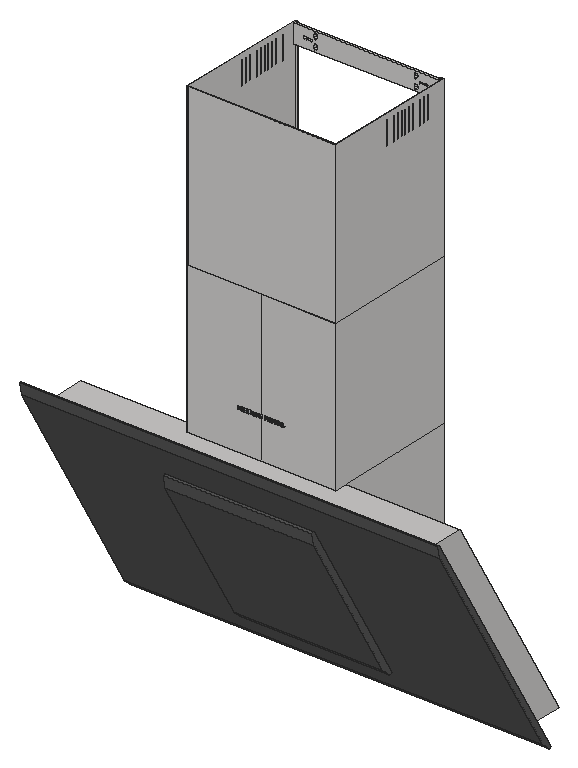
Revit family "FP_Revit_18_HT90GHB2_Rangehood_90001857A", category Specialty Equipment, Revit 2018
Family settings
  Round Connector Dimension = Use Diameter
  Part Type = Normal
  OmniClass Number = 23.40.40.00
  OmniClass Title = Food Service Equipment and Furnishings
  Work Plane-Based = No
  Always vertical = Yes
  Cut with Voids When Loaded = Yes
  Shared = No
  Room Calculation Point = No
Parameters
  Visibility - Upper Chimney Extension [instance] = yes
  URL = "www.fisherpaykel.com"
  Product - Width = 900 mm  # constant formula
  Product - Height (800mm - 1140mm) [instance] = 1155 mm
  Product - Depth = 500 mm  # constant formula
  Model = "HT90GHB2"
  Material - Glass = Fisher & Paykel - Glass, Black
  Material - Body = Fisher & Paykel - Stainless Steel
  Manufacturer = "Fisher & Paykel Appliances"
  FFL Offset [instance] = 1565 mm
  Description = "90cm Rangehood"
  Connector Description - Extraction = "150mm Semi Rigid Rangehood Ducting, 636m³/hr"
  Connector Description - Electrical = "220-240 V, 50 Hz, 3 A"
  Chassis - Width = 322 mm  # constant formula
  Chassis - Height = 460 mm  # constant formula
  Chassis - Depth = 291 mm  # constant formula
Reference planes
  plane 1 "Datum": y = 0
  plane 2: z = 0
  plane 3 "Center (Left/Right)": x = 0
  plane 4 "Product LHS": x = -450
  plane 5 "Product RHS": x = 450
  plane 6 "Product - Depth": y = -500
  plane 7 "Cavity LHS": x = -161
  plane 8 "Cavity RHS": x = 161
  plane 9 "Chassis - Depth": y = -291
  plane 10 "Base": z = 1594
  plane 11 "Chassis": z = 2054
  plane 12 "Cut": through (4267.2, -261.988, 1610.75) normal (0, -0.5, 0.866)
  plane 13 "Product - Height": z = 2720
  plane 14 "FFL Offset": z = 1565
Forms (mm)
  Extrusion 1, solid, material "Fisher & Paykel - Stainless Steel" <- "Material - Body", detail levels medium+fine
    sketch origin (0, 0, 0) x (1, 0, 0) y (0, 1, 0)
      loop
        line (-148.514, 0) -> (-161, 0) -> (-161, -291) -> (0, -291) -> (161, -291) -> (161, 0) -> (148.514, 0) -> (148.514, -1) -> (160, -1) -> (160, -290) -> (-160, -290) -> (-160, -1) -> (-148.514, -1) -> (-148.514, 0)
    from 2054 to 2376
  Extrusion 2, solid, material "Fisher & Paykel - Stainless Steel" <- "Material - Body", visible <- "Visibility - Upper Chimney Extension", detail levels medium+fine
    sketch origin (0, 0, 0) x (1, 0, 0) y (0, 1, 0)
      loop
        line (-159, -2) -> (-153, -2) -> (-153, -1) -> (-160, -1) -> (-160, -290) -> (160, -290) -> (160, -1) -> (153, -1) -> (153, -2) -> (159, -2) -> (159, -289.044) -> (-159, -289.044) -> (-159, -2)
    from 2366 to 2720
  Extrusion 3, solid, material "Fisher & Paykel - Stainless Steel" <- "Material - Body", detail levels medium+fine
    sketch origin (0, 0, 0) x (1, 0, 0) y (0, 1, 0)
      loop
        circle (0, -137.5) r 77.131
      loop
        circle (0, -137.5) r 75.031
    from 2054 to 2064
  Extrusion 4, solid, material "Fisher & Paykel - Stainless Steel" <- "Material - Body"
    sketch origin (0, 0, 0) x (1, 0, 0) y (0, 0, 1)
      loop
        line (-148.514, 2084) -> (-148.514, 2054) -> (-105, 2054) -> (-105, 2084) -> (-148.514, 2084)
      loop
        line (148.514, 2054) -> (148.514, 2084) -> (105.014, 2084) -> (105.014, 2054) -> (148.514, 2054)
      loop
        line (123, 2070.193) -> (123, 2074.5)
        arc (123, 2074.5) -> (120, 2077.5) -> (117, 2074.5) r 3
        line (117, 2074.5) -> (117, 2070.193)
        arc (117, 2070.193) -> (120, 2059) -> (123, 2070.193) r 5.999
      loop
        arc (-123, 2070.193) -> (-120, 2059) -> (-117, 2070.193) r 5.999
        line (-117, 2070.193) -> (-117, 2074.5)
        arc (-117, 2074.5) -> (-120, 2077.5) -> (-123, 2074.5) r 3
        line (-123, 2074.5) -> (-123, 2070.193)
    from 0 to 2
  Extrusion 5, solid, material "Fisher & Paykel - Stainless Steel" <- "Material - Body", visible <- "Visibility - Upper Chimney Extension"
    sketch origin (0, 0, 0) x (1, 0, 0) y (0, 0, 1)
      loop
        line (-156, 2720) -> (-156, 2680) -> (156, 2680) -> (156, 2720) -> (-156, 2720)
      loop
        line (104.014, 2712.5) -> (104.014, 2708.5)
        arc (104.014, 2708.5) -> (108.014, 2704.5) -> (112.014, 2708.5) r 4
        line (112.014, 2708.5) -> (112.014, 2712.5)
        arc (112.014, 2712.5) -> (108.014, 2716.5) -> (104.014, 2712.5) r 4
      loop
        arc (112.014, 2691.5) -> (108.014, 2695.5) -> (104.014, 2691.5) r 4
        line (104.014, 2691.5) -> (104.014, 2686.794)
        arc (104.014, 2686.794) -> (108.014, 2683.544) -> (112.014, 2686.794) r 4.087
        line (112.014, 2686.794) -> (112.014, 2691.5)
      loop
        arc (117.514, 2702.5) -> (115.014, 2700) -> (117.514, 2697.5) r 2.5
        line (117.514, 2697.5) -> (132.514, 2697.5)
        arc (132.514, 2697.5) -> (135.014, 2700) -> (132.514, 2702.5) r 2.5
        line (132.514, 2702.5) -> (117.514, 2702.5)
      loop
        arc (-104.014, 2712.5) -> (-108.014, 2716.5) -> (-112.014, 2712.5) r 4
        line (-112.014, 2712.5) -> (-112.014, 2708.5)
        arc (-112.014, 2708.5) -> (-108.014, 2704.5) -> (-104.014, 2708.5) r 4
        line (-104.014, 2708.5) -> (-104.014, 2712.5)
      loop
        line (-112.014, 2691.5) -> (-112.014, 2686.794)
        arc (-112.014, 2686.794) -> (-108.014, 2683.544) -> (-104.014, 2686.794) r 4.087
        line (-104.014, 2686.794) -> (-104.014, 2691.5)
        arc (-104.014, 2691.5) -> (-108.014, 2695.5) -> (-112.014, 2691.5) r 4
      loop
        line (-117.514, 2702.5) -> (-132.514, 2702.5)
        arc (-132.514, 2702.5) -> (-135.014, 2700) -> (-132.514, 2697.5) r 2.5
        line (-132.514, 2697.5) -> (-117.514, 2697.5)
        arc (-117.514, 2697.5) -> (-115.014, 2700) -> (-117.514, 2702.5) r 2.5
    from 3 to 8
  Extrusion 6, void
    sketch origin (0, 0, 0) x (0, 1, 0) y (0, 0, 1)
      loop
        line (-156, 2707.5) -> (-156, 2657.5)
        arc (-156, 2657.5) -> (-153.5, 2655) -> (-151, 2657.5) r 2.5
        line (-151, 2657.5) -> (-151, 2707.5)
        arc (-151, 2707.5) -> (-153.5, 2710) -> (-156, 2707.5) r 2.5
      loop
        line (-146, 2707.5) -> (-146, 2657.5)
        arc (-146, 2657.5) -> (-143.5, 2655) -> (-141, 2657.5) r 2.5
        line (-141, 2657.5) -> (-141, 2707.5)
        arc (-141, 2707.5) -> (-143.5, 2710) -> (-146, 2707.5) r 2.5
      loop
        line (-136, 2707.5) -> (-136, 2657.5)
        arc (-136, 2657.5) -> (-133.5, 2655) -> (-131, 2657.5) r 2.5
        line (-131, 2657.5) -> (-131, 2707.5)
        arc (-131, 2707.5) -> (-133.5, 2710) -> (-136, 2707.5) r 2.5
      loop
        line (-126, 2707.5) -> (-126, 2657.5)
        arc (-126, 2657.5) -> (-123.5, 2655) -> (-121, 2657.5) r 2.5
        line (-121, 2657.5) -> (-121, 2707.5)
        arc (-121, 2707.5) -> (-123.5, 2710) -> (-126, 2707.5) r 2.5
      loop
        line (-116, 2707.5) -> (-116, 2657.5)
        arc (-116, 2657.5) -> (-113.5, 2655) -> (-111, 2657.5) r 2.5
        line (-111, 2657.5) -> (-111, 2707.5)
        arc (-111, 2707.5) -> (-113.5, 2710) -> (-116, 2707.5) r 2.5
      loop
        line (-106, 2707.5) -> (-106, 2657.5)
        arc (-106, 2657.5) -> (-103.5, 2655) -> (-101, 2657.5) r 2.5
        line (-101, 2657.5) -> (-101, 2707.5)
        arc (-101, 2707.5) -> (-103.5, 2710) -> (-106, 2707.5) r 2.5
      loop
        line (-96, 2707.5) -> (-96, 2657.5)
        arc (-96, 2657.5) -> (-93.5, 2655) -> (-91, 2657.5) r 2.5
        line (-91, 2657.5) -> (-91, 2707.5)
        arc (-91, 2707.5) -> (-93.5, 2710) -> (-96, 2707.5) r 2.5
      loop
        line (-86, 2707.5) -> (-86, 2657.5)
        arc (-86, 2657.5) -> (-83.5, 2655) -> (-81, 2657.5) r 2.5
        line (-81, 2657.5) -> (-81, 2707.5)
        arc (-81, 2707.5) -> (-83.5, 2710) -> (-86, 2707.5) r 2.5
      loop
        line (-76, 2707.5) -> (-76, 2657.5)
        arc (-76, 2657.5) -> (-73.5, 2655) -> (-71, 2657.5) r 2.5
        line (-71, 2657.5) -> (-71, 2707.5)
        arc (-71, 2707.5) -> (-73.5, 2710) -> (-76, 2707.5) r 2.5
      loop
        line (-66, 2707.5) -> (-66, 2657.5)
        arc (-66, 2657.5) -> (-63.5, 2655) -> (-61, 2657.5) r 2.5
        line (-61, 2657.5) -> (-61, 2707.5)
        arc (-61, 2707.5) -> (-63.5, 2710) -> (-66, 2707.5) r 2.5
      loop
        line (-56, 2707.5) -> (-56, 2657.5)
        arc (-56, 2657.5) -> (-53.5, 2655) -> (-51, 2657.5) r 2.5
        line (-51, 2657.5) -> (-51, 2707.5)
        arc (-51, 2707.5) -> (-53.5, 2710) -> (-56, 2707.5) r 2.5
      loop
        line (-46, 2707.5) -> (-46, 2657.5)
        arc (-46, 2657.5) -> (-43.5, 2655) -> (-41, 2657.5) r 2.5
        line (-41, 2657.5) -> (-41, 2707.5)
        arc (-41, 2707.5) -> (-43.5, 2710) -> (-46, 2707.5) r 2.5
      loop
        line (-36, 2707.5) -> (-36, 2657.5)
        arc (-36, 2657.5) -> (-33.5, 2655) -> (-31, 2657.5) r 2.5
        line (-31, 2657.5) -> (-31, 2707.5)
        arc (-31, 2707.5) -> (-33.5, 2710) -> (-36, 2707.5) r 2.5
    from -160 to 160
  Extrusion 7, solid, material "Fisher & Paykel - Stainless Steel" <- "Material - Body"
    sketch origin (0, 0, 0) x (1, 0, 0) y (0, 0, 1)
      loop
        line (148.514, 2366.98) -> (-148.514, 2366.98) -> (-148.514, 2326.98) -> (148.514, 2326.98) -> (148.514, 2366.98)
      loop
        line (126, 2349.48) -> (111, 2349.48)
        arc (111, 2349.48) -> (108.5, 2346.98) -> (111, 2344.48) r 2.5
        line (111, 2344.48) -> (126, 2344.48)
        arc (126, 2344.48) -> (128.5, 2346.98) -> (126, 2349.48) r 2.5
      loop
        line (-109, 2349.48) -> (-124, 2349.48)
        arc (-124, 2349.48) -> (-126.5, 2346.98) -> (-124, 2344.48) r 2.5
        line (-124, 2344.48) -> (-109, 2344.48)
        arc (-109, 2344.48) -> (-106.5, 2346.98) -> (-109, 2349.48) r 2.5
    from 2 to 9
  Extrusion 8, solid, material "Fisher & Paykel - Stainless Steel" <- "Material - Body", detail levels medium+fine
    sketch origin (0, 0, 0) x (1, 0, 0) y (0, 1, 0)
      loop
        circle (88.5, -146) r 2.5
    from 2054 to 2105.3
  Extrusion 9, void
    sketch origin (0, 0, 0) x (1, 0, 0) y (0, 1, 0)
      loop
        circle (-100, -45) r 25
      loop
        circle (100, -45) r 25
    from 1594 to 1614
  Extrusion 10, void
    sketch origin (0, 0, 0) x (1, 0, 0) y (0, 0, 1)
      loop
        circle (318, 1721) r 2.5
      loop
        circle (152.014, 2225) r 3.5
      loop
        circle (-318, 1721) r 2.5
      loop
        circle (-152.014, 2225) r 3.5
    from 0 to 7
  Extrusion 11, solid, material "Fisher & Paykel - Stainless Steel" <- "Material - Body"
    sketch origin (0, 0, 0) x (0, 1, 0) y (0, 0, 1)
      loop
        line (-265.581, 2054) -> (0, 1594) -> (0, 2054) -> (-265.581, 2054)
    from -161 to 161
  Extrusion 12, solid, material "Fisher & Paykel - Stainless Steel" <- "Material - Body"
    sketch origin (0, 0, 0) x (0, 1, 0) y (0, 0, 1)
      loop
        line (-355.903, 2054) -> (-90.322, 1594) -> (0, 1594) -> (-265.581, 2054) -> (-355.903, 2054)
    from -407.5 to 407.5
  Extrusion 13, solid, material "Fisher & Paykel - Glass, Black" <- "Material - Glass", detail levels medium+fine
    sketch origin (0, 0, 0) x (0, 1, 0) y (0, 0, 1)
      loop
        line (-374.459, 2086.14) -> (-377.374, 2084.457) -> (-373.373, 2059.85) -> (-96.015, 1579.452) -> (-77.71, 1564.653) -> (-74.461, 1566.529) -> (-374.459, 2086.14)
    from -450 to 450
  Extrusion 14, solid, material "Fisher & Paykel - Glass, Black" <- "Material - Glass", detail levels medium+fine
    sketch origin (0, 0, 0) x (0, 1, 0) y (0, 0, 1)
      loop
        line (-350.252, 1999.683) -> (-353.716, 1997.683) -> (-349.874, 1972.983) -> (-162.738, 1648.854) -> (-144.063, 1633.756) -> (-140.254, 1635.955) -> (-350.252, 1999.683)
    from -160 to 160
  Extrusion 15, solid, material "Fisher & Paykel - Bezel White", detail levels fine
    sketch origin (0, 0, 0) x (1, 0, 0) y (0, 1, 0)
      loop
        circle (-100, -45) r 25
      loop
        circle (100, -45) r 25
    from 1594 to 1614
  Extrusion 16, solid, material "Fisher & Paykel - Stainless Steel" <- "Material - Body", detail levels coarse
    sketch origin (0, 0, 0) x (1, 0, 0) y (0, 1, 0)
      loop
        line (-161, 0) -> (-161, -291) -> (161, -291) -> (161, 0) -> (148.514, 0) -> (148.514, -2) -> (159, -2) -> (159, -289) -> (-159, -289) -> (-159, -2) -> (-148.514, -2) -> (-148.514, 0) -> (-161, 0)
    from 2054 to 2720
  Extrusion 17, solid, material "Fisher & Paykel - Glass, Black" <- "Material - Glass", detail levels coarse
    sketch origin (0, 0, 0) x (0, 1, 0) y (0, 0, 1)
      loop
        line (-374.459, 2086.14) -> (-385.029, 2080.038) -> (-85.031, 1560.426) -> (-74.461, 1566.529) -> (-374.459, 2086.14)
    from -450 to 450
  Extrusion 18, solid
    sketch origin (0, 0, 0) x (1, 0, 0) y (0, 0, 1)
      loop
        circle (125, 1719.653) r 2.5
      loop
        circle (135, 1929.653) r 2.5
      loop
        circle (-125, 1719.653) r 2.5
      loop
        circle (-135, 1929.653) r 2.5
    from 0 to 7
Cuts and joins
  Extrusion 6 cuts Extrusion 2
  Extrusion 10 cuts Extrusion 1
  Extrusion 9 cuts Extrusion 12
  joined: Extrusion 11, Extrusion 12
Text (mm)
  text "Due to ongoing product development, product details are subject to change without notice. \nPlease always refer to www.fisherpaykel.com for the most current product information. \n© Fisher & Paykel 2020" at (41.04, -1225.549, 0), in view "Ref. Level (Plan)"
Dimensions and locks
  equal spacing: plane 4 "Product LHS", plane 3 "Center (Left/Right)", plane 5 "Product RHS"
  "Product - Width": plane 4 "Product LHS" to plane 5 "Product RHS"
  equal spacing: plane 7 "Cavity LHS", plane 3 "Center (Left/Right)", plane 8 "Cavity RHS"
  "Chassis - Width": plane 7 "Cavity LHS" to plane 8 "Cavity RHS"
  locked: Extrusion 1 sketch curve to Extrusion 1 sketch curve at 1  (x3)
  "Product - Depth": plane 6 "Product - Depth" to plane 1 "Datum"
  "Chassis - Depth": plane 1 "Datum" to plane 9 "Chassis - Depth"
  "Chassis - Height": plane 10 "Base" to plane 11 "Chassis"
  locked: plane 11 "Chassis" to cut or joined group of Extrusion 1, Extrusion 10 at 322
  Extrusion 14 to Extrusion 14 = 419.996 mm
  locked: Extrusion 3 to plane 11 "Chassis" at 10
  locked: plane 10 "Base" to nested 1 at 543.217
  locked: plane 11 "Chassis" to Extrusion 8 at 51.3
  locked: cut or joined group of Extrusion 2, Extrusion 6 to cut or joined group of Extrusion 2, Extrusion 6 at 354
  locked: cut or joined group of Extrusion 2, Extrusion 6 to Extrusion 6 sketch curve at 12.5
  locked: cut or joined group of Extrusion 2, Extrusion 6 to Extrusion 6 sketch curve at 62.5
  "FFL Offset": level to plane 14 "FFL Offset"
  "Product - Height (800mm - 1140mm)": plane 13 "Product - Height" to plane 14 "FFL Offset"
  locked: plane 14 "FFL Offset" to plane 10 "Base" at 29
  locked: Extrusion 5 sketch curve to plane 13 "Product - Height" at 40
  locked: plane 10 "Base" to Extrusion 15 at 20
  locked: plane 10 "Base" to plane 12 "Cut" (angle 30.00°)
  aligned and locked: level to plane 2
  aligned and locked: Extrusion 1 sketch curve to plane 7 "Cavity LHS"
  aligned and locked: plane 8 "Cavity RHS" to Extrusion 1 sketch curve
  aligned and locked: plane 1 "Datum" to Extrusion 1 sketch curve  (x2)
  aligned and locked: plane 9 "Chassis - Depth" to Extrusion 1 sketch curve
  aligned and locked: Extrusion 6 to Extrusion 1  (x2)
  aligned and locked: Extrusion 11 to plane 8 "Cavity RHS"
  aligned and locked: plane 7 "Cavity LHS" to Extrusion 11
  aligned and locked: Extrusion 13 to plane 5 "Product RHS"
  aligned and locked: plane 4 "Product LHS" to Extrusion 13
  aligned and locked: cut or joined group of Extrusion 9, Extrusion 11, Extrusion 12 to Extrusion 9
  aligned and locked: plane 10 "Base" to cut or joined group of Extrusion 9, Extrusion 11, Extrusion 12
  aligned and locked: plane 10 "Base" to Extrusion 15
  aligned and locked: cut or joined group of Extrusion 1, Extrusion 10 to Extrusion 4  (x2)
  aligned and locked: Extrusion 3 to Extrusion 11
  aligned and locked: Extrusion 4 to Extrusion 11
  aligned and locked: cut or joined group of Extrusion 1, Extrusion 10 to Extrusion 11
  aligned and locked: Extrusion 8 to Extrusion 11
  aligned and locked: Extrusion 7 to cut or joined group of Extrusion 1, Extrusion 10  (x2)
  aligned and locked: nested 1 to plane 9 "Chassis - Depth"
  aligned and locked: Extrusion 11 to plane 11 "Chassis"
  aligned and locked: cut or joined group of Extrusion 9, Extrusion 11, Extrusion 12 to plane 11 "Chassis"
  aligned and locked: cut or joined group of Extrusion 9, Extrusion 11, Extrusion 12 to plane 10 "Base"
  aligned and locked: Extrusion 15 to plane 10 "Base"
  aligned and locked: Extrusion 9 to Extrusion 15
  aligned and locked: Extrusion 12 to Extrusion 13
  aligned and locked: Extrusion 12 to Extrusion 11
  aligned and locked: plane 13 "Product - Height" to cut or joined group of Extrusion 2, Extrusion 6
  aligned and locked: plane 11 "Chassis" to Extrusion 16
  aligned and locked: plane 13 "Product - Height" to Extrusion 16
  aligned and locked: Extrusion 17 sketch curve to Extrusion 13  (x4)
  aligned and locked: Extrusion 17 to plane 5 "Product RHS"
  aligned and locked: plane 4 "Product LHS" to Extrusion 17
Automatic sketch dimensions
  Extrusion 1 sketch curve to plane 3 "Center (Left/Right)" = 0 mm
  plane 1 "Datum" to Extrusion 1 sketch curve = 1 mm  (x2)
  Extrusion 1 sketch curve to Extrusion 1 sketch curve = 11.486 mm
  plane 8 "Cavity RHS" to Extrusion 1 sketch curve = 12.486 mm
  Extrusion 2 sketch curve to plane 7 "Cavity LHS" = 1 mm
  Extrusion 2 sketch curve to Extrusion 2 sketch curve = 1 mm  (x3)
  plane 1 "Datum" to Extrusion 2 sketch curve = 2 mm  (x2)
  Extrusion 2 sketch curve to Extrusion 2 sketch curve = 6 mm
  plane 8 "Cavity RHS" to Extrusion 2 sketch curve = 8 mm
  plane 8 "Cavity RHS" to Extrusion 2 sketch curve = 2 mm
  plane 8 "Cavity RHS" to Extrusion 2 sketch curve = 1 mm
  plane 9 "Chassis - Depth" to Extrusion 2 sketch curve = 1.956 mm
  plane 9 "Chassis - Depth" to Extrusion 2 sketch curve = 1 mm
  plane 1 "Datum" to Extrusion 6 sketch curve = 156 mm
  Extrusion 6 sketch curve to Extrusion 6 sketch curve = 2.5 mm  (x13)
  Extrusion 6 sketch curve to Extrusion 6 sketch curve = 5 mm  (x12)
  Extrusion 6 sketch curve to Extrusion 6 sketch curve = 0 mm  (x24)
  Extrusion 7 sketch curve to plane 4 "Product LHS" = 301.486 mm
  Extrusion 7 sketch curve to Extrusion 7 sketch curve = 24.514 mm
  Extrusion 7 sketch curve to Extrusion 7 sketch curve = 15 mm  (x2)
  Extrusion 7 sketch curve to plane 7 "Cavity LHS" = 272 mm
  Extrusion 7 sketch curve to Extrusion 7 sketch curve = 22.514 mm
  Extrusion 7 sketch curve to Extrusion 7 sketch curve = 17.5 mm  (x3)
  Extrusion 7 sketch curve to Extrusion 7 sketch curve = 2.5 mm  (x2)
  Extrusion 10 sketch curve to plane 4 "Product LHS" = 132 mm
  Extrusion 10 sketch curve to plane 7 "Cavity LHS" = 8.986 mm
  plane 8 "Cavity RHS" to Extrusion 10 sketch curve = 8.986 mm
  plane 5 "Product RHS" to Extrusion 10 sketch curve = 132 mm
  Extrusion 10 sketch curve to Extrusion 10 sketch curve = 0 mm  (x2)
  Extrusion 4 sketch curve to plane 7 "Cavity LHS" = 12.486 mm
  Extrusion 4 sketch curve to Extrusion 4 sketch curve = 25.514 mm
  Extrusion 4 sketch curve to Extrusion 4 sketch curve = 3 mm  (x4)
  plane 8 "Cavity RHS" to Extrusion 4 sketch curve = 44 mm
  plane 8 "Cavity RHS" to Extrusion 4 sketch curve = 12.486 mm
  Extrusion 4 sketch curve to Extrusion 4 sketch curve = 10.998 mm  (x2)
  Extrusion 4 sketch curve to Extrusion 4 sketch curve = 5.195 mm  (x2)
  Extrusion 4 sketch curve to Extrusion 4 sketch curve = 4.307 mm  (x2)
  Extrusion 4 sketch curve to Extrusion 4 sketch curve = 12 mm
  Extrusion 4 sketch curve to Extrusion 4 sketch curve = 9.5 mm  (x2)
  Extrusion 4 sketch curve to Extrusion 4 sketch curve = 11.986 mm
  Extrusion 4 sketch curve to Extrusion 4 sketch curve = 0 mm
  Extrusion 3 sketch curve to Extrusion 3 sketch curve = 0 mm  (x2)
  Extrusion 3 sketch curve to plane 3 "Center (Left/Right)" = 0 mm
  plane 1 "Datum" to Extrusion 3 sketch curve = 137.5 mm
  Extrusion 14 sketch curve to plane 9 "Chassis - Depth" = 58.874 mm
  plane 1 "Datum" to Extrusion 14 sketch curve = 144.063 mm
  Extrusion 14 sketch curve to Extrusion 14 sketch curve = 0.378 mm
  Extrusion 14 sketch curve to Extrusion 14 sketch curve = 3.464 mm
  Extrusion 14 sketch curve to Extrusion 14 sketch curve = 18.675 mm
  Extrusion 14 sketch curve to Extrusion 14 sketch curve = 2.199 mm
  Extrusion 14 sketch curve to Extrusion 14 sketch curve = 12.899 mm
  Extrusion 14 sketch curve to Extrusion 14 sketch curve = 24.699 mm
  Extrusion 14 sketch curve to Extrusion 14 sketch curve = 2 mm
  plane 8 "Cavity RHS" to Extrusion 8 sketch curve = 72.5 mm
  plane 9 "Chassis - Depth" to Extrusion 8 sketch curve = 145 mm
  Extrusion 15 sketch curve to plane 7 "Cavity LHS" = 61 mm
  plane 8 "Cavity RHS" to Extrusion 15 sketch curve = 61 mm
  plane 1 "Datum" to Extrusion 15 sketch curve = 45 mm  (x2)
  Extrusion 13 sketch curve to Extrusion 13 sketch curve = 2.915 mm
  Extrusion 13 sketch curve to Extrusion 13 sketch curve = 4.001 mm
  Extrusion 13 sketch curve to Extrusion 13 sketch curve = 18.305 mm
  plane 11 "Chassis" to Extrusion 11 sketch curve = 0 mm
  Extrusion 11 sketch curve to plane 1 "Datum" = 0 mm
  plane 9 "Chassis - Depth" to Extrusion 11 sketch curve = 25.419 mm
  plane 10 "Base" to Extrusion 11 sketch curve = 0 mm
  Extrusion 9 sketch curve to Extrusion 9 sketch curve = 200 mm
  Extrusion 9 sketch curve to Extrusion 9 sketch curve = 0 mm
  Extrusion 12 sketch curve to Extrusion 12 sketch curve = 90.322 mm  (x2)
  Extrusion 12 sketch curve to Extrusion 12 sketch curve = 175.259 mm
  Extrusion 12 sketch curve to Extrusion 12 sketch curve = 460 mm
  Extrusion 13 sketch curve to Extrusion 13 sketch curve = 277.358 mm
  Extrusion 13 sketch curve to Extrusion 13 sketch curve = 3.248 mm
  Extrusion 13 sketch curve to Extrusion 13 sketch curve = 1.876 mm
  Extrusion 13 sketch curve to Extrusion 13 sketch curve = 14.799 mm
  Extrusion 13 sketch curve to Extrusion 13 sketch curve = 24.608 mm
  Extrusion 9 sketch curve to plane 7 "Cavity LHS" = 61 mm
  plane 1 "Datum" to Extrusion 9 sketch curve = 45 mm
  plane 11 "Chassis" to Extrusion 12 sketch curve = 0 mm
  Extrusion 12 sketch curve to plane 9 "Chassis - Depth" = 64.903 mm
  Extrusion 13 sketch curve to plane 11 "Chassis" = 30.457 mm
  Extrusion 13 sketch curve to plane 9 "Chassis - Depth" = 86.374 mm
  Extrusion 4 sketch curve to plane 11 "Chassis" = 0 mm
  Extrusion 7 sketch curve to plane 11 "Chassis" = 272.98 mm
  Extrusion 10 sketch curve to plane 10 "Base" = 127 mm
  Extrusion 10 sketch curve to plane 11 "Chassis" = 171 mm
  Extrusion 14 sketch curve to plane 10 "Base" = 39.756 mm
  Extrusion 16 sketch curve to plane 7 "Cavity LHS" = 0 mm
  Extrusion 16 sketch curve to plane 8 "Cavity RHS" = 0 mm
  Extrusion 16 sketch curve to plane 9 "Chassis - Depth" = 0 mm
  Extrusion 16 sketch curve to plane 7 "Cavity LHS" = 2 mm
  plane 8 "Cavity RHS" to Extrusion 16 sketch curve = 2 mm
  plane 9 "Chassis - Depth" to Extrusion 16 sketch curve = 2 mm
  plane 1 "Datum" to Extrusion 16 sketch curve = 2 mm
  plane 1 "Datum" to Extrusion 16 sketch curve = 0 mm  (x2)
  Extrusion 16 sketch curve to Extrusion 16 sketch curve = 2 mm
  Extrusion 16 sketch curve to Extrusion 16 sketch curve = 10.486 mm  (x2)
  Extrusion 18 sketch curve to plane 7 "Cavity LHS" = 26 mm
  Extrusion 18 sketch curve to plane 7 "Cavity LHS" = 36 mm
  plane 8 "Cavity RHS" to Extrusion 18 sketch curve = 36 mm
  plane 8 "Cavity RHS" to Extrusion 18 sketch curve = 26 mm
  Extrusion 18 sketch curve to plane 10 "Base" = 125.653 mm  (x2)
  plane 11 "Chassis" to Extrusion 18 sketch curve = 124.347 mm  (x2)
  Extrusion 5 sketch curve to plane 13 "Product - Height" = 0 mm
  Extrusion 5 sketch curve to plane 7 "Cavity LHS" = 5 mm
  Extrusion 5 sketch curve to plane 7 "Cavity LHS" = 28.486 mm
  Extrusion 5 sketch curve to Extrusion 5 sketch curve = 15 mm  (x2)
  Extrusion 5 sketch curve to Extrusion 5 sketch curve = 5.5 mm  (x3)
  Extrusion 5 sketch curve to Extrusion 5 sketch curve = 4 mm  (x6)
  Extrusion 5 sketch curve to Extrusion 5 sketch curve = 0 mm  (x3)
  Extrusion 5 sketch curve to plane 13 "Product - Height" = 7.5 mm
  plane 8 "Cavity RHS" to Extrusion 5 sketch curve = 56.986 mm
  plane 8 "Cavity RHS" to Extrusion 5 sketch curve = 5 mm
  Extrusion 5 sketch curve to Extrusion 5 sketch curve = 25.706 mm
  Extrusion 5 sketch curve to plane 13 "Product - Height" = 33.206 mm
  Extrusion 5 sketch curve to Extrusion 5 sketch curve = 0.837 mm  (x2)
  Extrusion 5 sketch curve to Extrusion 5 sketch curve = 4.706 mm
  Extrusion 5 sketch curve to Extrusion 5 sketch curve = 3.87 mm
  Extrusion 5 sketch curve to Extrusion 5 sketch curve = 6 mm  (x3)
  Extrusion 5 sketch curve to Extrusion 5 sketch curve = 2.5 mm  (x2)
  radius of Extrusion 8 sketch curve = 2.5 mm
  radius of Extrusion 10 sketch curve = 2.5 mm  (x2)
  radius of Extrusion 10 sketch curve = 3.5 mm  (x2)
  radius of Extrusion 3 sketch curve = 75.031 mm
  radius of Extrusion 3 sketch curve = 77.131 mm
  radius of Extrusion 9 sketch curve = 25 mm  (x2)
  radius of Extrusion 15 sketch curve = 25 mm  (x2)
  radius of Extrusion 18 sketch curve = 2.5 mm  (x4)
Nested families
  nested 1: "F&P Logo 100mm" at (0.232, -291, 2137.217), type "Grey"
Connectors
  hvac at (0, -137.5, 2064), driven by "Connector Description - Extraction"
    settings: on Extrusion 3, index 1, duct flow 0.0 L/s, flow factor 0, pres drop 0.0 Pa, loss coef 0, conn angle 0.00°, conn width 304.8 mm, conn height 304.8 mm, conn diameter 150 mm, duct sys type 3, conn prof type 0, flow config 0, flow direction 2, loss method 0, conn ref index -1, conn util no, is conn primary yes, conn desc "150mm Semi Rigid Rangehood Ducting, 636m³/hr"
  electrical at (88.5, -146, 2105.3), driven by "Connector Description - Electrical"
    settings: on Extrusion 8, index 2, voltage 120 V, apparent load 0 VA, apparent load phase1 0 VA, apparent load phase2 0 VA, apparent load phase3 0 VA, power factor 1, load classification "Other", number of poles 1, system type 30, power factor state 1, is connector primary yes, connector utility no, sub classification motor no, connector description "220-240 V, 50 Hz, 3 A"
Definition of nested family "F&P Logo 100mm"
  Parameters (values of type "Chrome")
    URL = "www.fisherpaykel.com"
    Material - Logo = none
    Manufacturer = "Fisher & Paykel Appliances"
  Types (3): name
    (no name)
    Chrome
    Grey
  Reference planes
    plane 1 "Center (Front/Back)": y = 0
    plane 2: z = 0
    plane 3 "Center (Left/Right)": x = 0
  Forms (mm)
    Extrusion 1, solid, material <- "Material - Logo", detail levels fine
      sketch origin (0, 0, 0) x (1, 0, 0) y (0, 0, 1)
        loop
          line (-50.044, 0) -> (-48.47, 0) -> (-48.47, 2.138) -> (-46.011, 2.138) -> (-46.011, 3.472) -> (-48.47, 3.472) -> (-48.47, 4.712) -> (-45.795, 4.712) -> (-45.795, 6.04) -> (-50.044, 6.04) -> (-50.044, 0)
        loop
          line (-42.804, 6.04) -> (-42.804, 0) -> (-41.23, 0) -> (-41.23, 6.04) -> (-42.804, 6.04)
        loop
          line (-30.724, 6.04) -> (-30.724, 0) -> (-29.151, 0) -> (-29.151, 2.42) -> (-26.839, 2.42) -> (-26.839, 0) -> (-25.265, 0) -> (-25.265, 6.04) -> (-26.839, 6.04) -> (-26.839, 3.748) -> (-29.151, 3.748) -> (-29.151, 6.04) -> (-30.724, 6.04)
        loop
          line (-21.906, 6.04) -> (-21.906, 0) -> (-17.602, 0) -> (-17.602, 1.328) -> (-20.347, 1.328) -> (-20.347, 2.42) -> (-17.838, 2.42) -> (-17.838, 3.748) -> (-20.347, 3.748) -> (-20.347, 4.712) -> (-17.602, 4.712) -> (-17.602, 6.04) -> (-21.906, 6.04)
        loop
          line (45.667, 6.04) -> (45.667, 0) -> (49.956, 0) -> (49.956, 1.328) -> (47.241, 1.328) -> (47.241, 6.04) -> (45.667, 6.04)
        loop
          line (42.431, 6.04) -> (38.112, 6.04) -> (38.112, 0) -> (42.431, 0) -> (42.431, 1.328) -> (39.687, 1.328) -> (39.687, 2.42) -> (42.195, 2.42) -> (42.195, 3.748) -> (39.687, 3.748) -> (39.687, 4.712) -> (42.431, 4.712) -> (42.431, 6.04)
        loop
          line (33.451, 3.148) -> (35.683, 6.04) -> (33.844, 6.04) -> (31.915, 3.542) -> (31.915, 6.04) -> (30.342, 6.04) -> (30.342, 0) -> (31.915, 0) -> (31.915, 2.705) -> (33.903, 0) -> (35.763, 0) -> (33.451, 3.148)
        loop
          line (21.98, 6.04) -> (24.262, 2.42) -> (24.262, 0) -> (25.837, 0) -> (25.837, 2.341) -> (28.119, 6.04) -> (26.446, 6.04) -> (25.099, 3.707) -> (23.753, 6.04) -> (21.98, 6.04)
        loop
          line (18.479, 6.04) -> (16.983, 6.04) -> (14.524, 0) -> (16.069, 0) -> (16.501, 1.112) -> (18.921, 1.112) -> (19.354, 0) -> (20.938, 0) -> (18.479, 6.04)
        loop
          line (18.4, 2.439) -> (17.693, 4.174) -> (17.018, 2.439) -> (18.4, 2.439)
        loop
          line (8.031, 6.04) -> (8.031, 0) -> (9.605, 0) -> (9.605, 1.938) -> (10.599, 1.938)
          arc (10.599, 1.938) -> (12.65, 3.989) -> (10.599, 6.04) r 2.051
          line (10.599, 6.04) -> (8.031, 6.04)
        loop
          line (9.605, 4.712) -> (9.605, 3.197) -> (10.501, 3.197)
          arc (10.501, 3.197) -> (11.259, 3.954) -> (10.501, 4.712) r 0.757
          line (10.501, 4.712) -> (9.605, 4.712)
        loop
          line (-11.783, 6.04) -> (-14.366, 6.04) -> (-14.366, 0) -> (-12.792, 0) -> (-12.792, 1.336) -> (-11.992, 1.336) -> (-10.972, 0) -> (-9.153, 0) -> (-10.694, 1.973)
          arc (-10.694, 1.973) -> (-9.678, 4.424) -> (-11.783, 6.04) r 2.179
        loop
          line (-11.897, 4.712) -> (-12.792, 4.712) -> (-12.792, 3.053) -> (-11.897, 3.053)
          arc (-11.897, 3.053) -> (-11.068, 3.882) -> (-11.897, 4.712) r 0.83
        loop
          line (0.477, 4.712) -> (0.477, 6.153) -> (-3.575, 6.153) -> (-3.575, 4.851) -> (-2.974, 4.112)
          arc (-2.974, 4.112) -> (-3.51, 0.684) -> (-0.045, 0.512) r 2.334
          line (-0.045, 0.512) -> (0.46, -0.109) -> (2.246, -0.109) -> (0.86, 1.594) -> (2.061, 3.324) -> (0.443, 3.324) -> (-0.013, 2.667) -> (-1.677, 4.712) -> (0.477, 4.712)
        loop
          arc (-2.125, 3.068) -> (-2.269, 1.668) -> (-0.868, 1.524) r 0.996
          line (-0.868, 1.524) -> (-2.125, 3.068)
        loop
          line (-35.18, 3.634) -> (-36.516, 3.91)
          arc (-36.516, 3.91) -> (-37.049, 4.443) -> (-36.516, 4.976) r 0.533
          arc (-36.516, 4.976) -> (-35.235, 4.79) -> (-34.059, 4.248) r 4.505
          line (-34.059, 4.248) -> (-34.059, 5.743)
          arc (-34.059, 5.743) -> (-35.549, 6.179) -> (-37.1, 6.109) r 4.726
          arc (-37.1, 6.109) -> (-38.536, 4.335) -> (-37.1, 2.561) r 1.814
          line (-37.1, 2.561) -> (-35.754, 2.282)
          arc (-35.754, 2.282) -> (-35.221, 1.749) -> (-35.754, 1.216) r 0.533
          arc (-35.754, 1.216) -> (-37.035, 1.402) -> (-38.211, 1.945) r 4.505
          line (-38.211, 1.945) -> (-38.211, 0.449)
          arc (-38.211, 0.449) -> (-36.72, 0.013) -> (-35.169, 0.083) r 4.726
          arc (-35.169, 0.083) -> (-33.734, 1.863) -> (-35.18, 3.634) r 1.814
      from 0 to 0.8
  Dimensions and locks
    aligned and locked: level to plane 2
